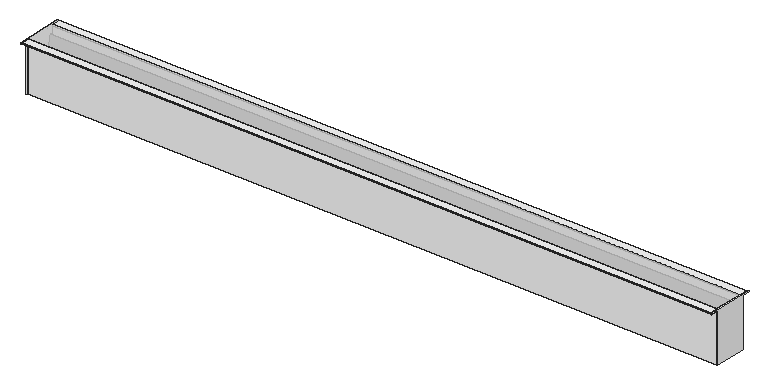
Revit family "2093127 Sylvania Lighting Fixture MC2 TRIM 1-2M 4K DALI WHT OPAL", category Lighting Fixtures, host Face, Revit 2016
Family settings
  Host = Face
  Part Type = Normal
  Round Connector Dimension = Use Diameter
  OmniClass Number = 23.80.70.11.17
  OmniClass Title = Specialized Lighting by Location or Use
  Cut with Voids When Loaded = No
  Light Source = Yes
  Shared = No
  Room Calculation Point = No
Parameters (values of type "2093127 MC2 TRIM 1.2M 4K DALI WHT OPAL")
  Width_SYL = 54.0 mm
  Weight = "2.8 kg"
  Wattage = 20.97 W
  WarrantyStartDate [instance] = "n/a"
  WarrantyGuarantorParts = "n/a"
  WarrantyDurationUnit = "n/a"
  WarrantyDurationParts = "n/a"
  WarrantyDescription = "n/a"
  built-in parameter 1150110 = 1 (stored number, unit not read)
  Voltage = 0 V
  URL = "http://www.sylvania-lighting.com"
  TypeName = "MC2 TRIM 1.2M 4K DALI WHT OPAL"
  built-in parameter 1114217 = 1 (stored number, unit not read)
  Tilt Angle = -90.00°
  built-in parameter 1150109 = 1 (stored number, unit not read)
  built-in parameter 1150134 = 12
  built-in parameter 1150113 = 1 (stored number, unit not read)
  SerialNumber [instance] = "n/a"
  PowerFactor = 0.98
  PowerConsumption = "20.97 W"
  NominalWidth = 0.0 mm
  NominalLength = 1200.0 mm
  NominalHeight = 86.0 mm
  Name = "MC2 TRIM 1.2M 4K DALI WHT OPAL"
  ModelReference = "MC2 TRIM 1.2M 4K DALI WHT OPAL"
  ModelNumber = "2093127"
  Material_3_SYL = Metal_Sylvania_Mini Contiuum II_Silver
  Photometric Web File = "2093127.ies"
  Material = "aluminium housing, polycarbonate diffuser"
  ManufacturerName = "Feilo Sylvania"
  LuminousEfficacy = "112 lm/W"
  LuminaireType = ""
  LightOutputRatio = "100"
  Length_SYL = 1200.0 mm
  LampsType = Lamp  # "LED"
  LampNominalLuminous = "2340 lm"
  LampMacAdamStep = "3"
  LampColourTemperature = "4000 K"
  LampColourRenderingIndex = "80"
  Keynote = "16500"
  InstallationDate [instance] = "n/a"
  InputVoltage = "n/a"
  InputNominalFrequency = "n/a"
  IngressProtection = "IP20"
  ImpactProtectionIndex = "n/a"
  IfcExportType = "IfcLightFixtureType"
  IfcExportAs = "IfcLightFixtureType"
  Height_SYL = 86.0 mm
  ExpectedLife = 50000
  EndCapRight_SYL [instance] = yes
  EndCapLeft_SYL [instance] = yes
  Emit from Rectangle Width = Width_SYL - 2.0 mm  # 52.0 mm
  Emit from Rectangle Length = Length_SYL  # 1200.0 mm
  Emit Shape Visible in Rendering = no
  ElectricShockClassification = "Class I"
  DurationUnit = "hours"
  DocumentationLiterature = "http://www.sylvania-lighting.com/product/en-int/products/2093127"
  DimmingControlOptions = "n/a"
  CreatedOn = "10/15/2018"
  CreatedBy = "@sylvania-lighting.com"
  built-in parameter 1114216 [instance] = 1 (stored number, unit not read)
  Model = "MC2 TRIM 1.2M 4K DALI WHT OPAL"
  Manufacturer = "Feilo Sylvania"  # constant formula
  built-in parameter 1150105 = 186.9 (stored number, unit not read)
  Lumens = 2348.64 lm
  built-in parameter 1150115 = 1 (stored number, unit not read)
  built-in parameter 1150137 = (empty or 0)
  built-in parameter 1150139 = (empty or 0)
  built-in parameter 1150112 = 1 (stored number, unit not read)
  built-in parameter 1150114 = 1 (stored number, unit not read)
  Lamp = "LED"
  built-in parameter 1150132 = 2
  built-in parameter 1150102 = (empty or 0)
  built-in parameter 1150107 = 4000 (stored number, unit not read)
  built-in parameter 1150138 = (empty or 0)
  built-in parameter 1150106 = 1.869 (stored number, unit not read)
  Material_1_SYL = Metal_Sylvania_Mini Continuum II_White
  built-in parameter 1150104 = 10.405 (stored number, unit not read)
  Dimming Lamp Color Temperature Shift = <None>
  Material_2_SYL = Polycarbonate_Sylvania_Mini Continuum II_Opal_4000K
  Description = "Mini Continuum II introduces a uniquely clean, simple LED lighting system offering continuous, highly uniform lines of light across walls and ceilings. This highly versatile lighting tool can be recessed, semi-recessed, surface-mounted or suspended, either vertically or horizontally. Available as direct/indirect or direct only distribution - both of which can be interconnected. Every batten has a plug and socket arrangement for easy and rapid electrical installation. Mini Continuum II Direct is available in two versions: one with an outside trim detail for plasterboard ceilings; and a trimless version for when a seamless effect is required. Dimmable DALI versions and 3hr non-maintained integral emergency options are available as standard options"  # constant formula
  Default Elevation = 0.0 mm
  Color Filter = 16777215
  built-in parameter 1140040 [instance] = 1
  BarCode [instance] = "n/a"
  built-in parameter 1114218 = 1 (stored number, unit not read)
  built-in parameter 1150133 = 10 (stored number, unit not read)
  AssetType = "Fixed"
  AssetIdentifier [instance] = "n/a"
  Assembly Code = "D5020200"
  Apparent Load = 20.97 VA
Reference planes
  plane 1 "Center (Front/Back)": y = 0
  plane 2 "Bottom Fixtures": z = 0
  plane 3 "Center (Left/Right)": x = 0
  plane 4 "Fixture Left": x = -600
  plane 5 "Fixture Right": x = 600
  plane 6 "Fixture Bottom": z = 2
  plane 7: z = 0
  plane 8: z = -2
  plane 9: z = -11.049
  plane 10: z = -41.049
  plane 11 "Fixture Top": z = -84
  plane 12: y = 27
  plane 13: y = -27
  plane 14: y = -26
  plane 15: y = -25
  plane 16: y = 26
  plane 17: y = 25
  plane 18: y = 11
  plane 19: y = -11
  plane 20: y = 24
  plane 21: y = 22
  plane 22: y = -22
  plane 23: y = 15
  plane 24: y = -15
  plane 25: y = 40
  plane 26: y = -40
  plane 27: x = -602
  plane 28: x = 602
Forms (mm)
  Extrusion 1, solid, material "Metal_Sylvania_Mini Continuum II_White" <- "Material_1_SYL", detail levels fine
    sketch origin (0, 0, -84) x (0, 1, 0) y (0, 0, 1)
      loop
        line (27, 84) -> (40, 84) -> (40, 86) -> (26, 86) -> (26, 84) -> (25, 84) -> (25, 2) -> (13, 2) -> (13, 4) -> (-13, 4) -> (-13, 2) -> (-25, 2) -> (-25, 84) -> (-26, 84) -> (-26, 86) -> (-40, 86) -> (-40, 84) -> (-27, 84) -> (-27, 0) -> (-11, 0) -> (-11, 2) -> (11, 2) -> (11, 0) -> (27, 0) -> (27, 84)
    from -600 to 600
  Extrusion 2, solid, material "Polycarbonate_Sylvania_Mini Continuum II_Opal_4000K" <- "Material_2_SYL", detail levels fine
    sketch origin (0, 0, -84) x (0, 1, 0) y (0, 0, 1)
      loop
        line (-26, 86) -> (-26, 84) -> (26, 84) -> (26, 86) -> (-26, 86)
    from -600 to 600
  Extrusion 3, solid, material "Metal_Sylvania_Mini Contiuum II_Silver" <- "Material_3_SYL", detail levels fine
    sketch origin (0, 0, -84) x (0, 1, 0) y (0, 0, 1)
      loop
        line (22, 72.951) -> (20.973, 72.951) -> (14.206, 43.951) -> (-14.206, 43.951) -> (-20.973, 72.951) -> (-22, 72.951) -> (-15, 42.951) -> (15, 42.951) -> (22, 72.951)
    from -600 to 600
  Extrusion 4, solid, material "Metal_Sylvania_Mini Continuum II_White" <- "Material_1_SYL", detail levels coarse+medium
    sketch origin (0, 0, -84) x (0, 1, 0) y (0, 0, 1)
      loop
        line (-27, 86) -> (-27, 0) -> (27, 0) -> (27, 86) -> (-27, 86)
    from -600 to 600
  Extrusion 5, solid, material "Metal_Sylvania_Mini Continuum II_White" <- "Material_1_SYL", detail levels coarse+medium
    sketch origin (0, 0, -84) x (0, 1, 0) y (0, 0, 1)
      loop
        line (40, 86) -> (27, 86) -> (27, 84) -> (40, 84) -> (40, 86)
      loop
        line (-27, 86) -> (-40, 86) -> (-40, 84) -> (-27, 84) -> (-27, 86)
    from -600 to 600
  Extrusion 6, void
    sketch origin (0, 0, 0) x (0, 1, 0) y (0, 0, 1)
      loop
        line (27, 0) -> (-27, 0) -> (-27, -84) -> (27, -84) -> (27, 0)
    from -600 to 600
  Extrusion 7, solid, material "Metal_Sylvania_Mini Continuum II_White" <- "Material_1_SYL", visible <- "EndCapLeft_SYL"
    sketch origin (-600, 171.684, 1219.2) x (0, 1, 0) y (0, 0, 1)
      loop
        line (-198.684, -1219.2) -> (-198.684, -1303.2) -> (-144.684, -1303.2) -> (-144.684, -1219.2) -> (-131.684, -1219.2) -> (-131.684, -1217.2) -> (-211.684, -1217.2) -> (-211.684, -1219.2) -> (-198.684, -1219.2)
    from 0 to -2
  Extrusion 8, solid, material "Metal_Sylvania_Mini Continuum II_White" <- "Material_1_SYL", visible <- "EndCapRight_SYL"
    sketch origin (600, 171.684, 1219.2) x (0, 1, 0) y (0, 0, -1)
      loop
        line (-131.684, 1217.2) -> (-131.684, 1219.2) -> (-144.684, 1219.2) -> (-144.684, 1303.2) -> (-198.684, 1303.2) -> (-198.684, 1219.2) -> (-211.684, 1219.2) -> (-211.684, 1217.2) -> (-131.684, 1217.2)
    from 0 to -2
Lines and regions (mm)
  Masking region 1
    outline origin (0, 0, -86) x (-1, 0, 0) y (0, -1, 0)
      loop
        line (600, -40) -> (600, 40) -> (-600, 40) -> (-600, -40) -> (600, -40)
  symbolic lines, detail levels fine
    curve 1: line (-600, 27, -86) -> (600, 27, -86)
    curve 2: line (-600, -27, -86) -> (600, -27, -86)
Dimensions and locks
  host sketch curve to plane 3 "Center (Left/Right)" to host sketch curve = 1260.0 mm, 1259.41 mm
  equal spacing: plane 4 "Fixture Left", plane 3 "Center (Left/Right)", plane 5 "Fixture Right"
  "Length_SYL": plane 4 "Fixture Left" to plane 5 "Fixture Right"
  plane 6 "Fixture Bottom" to plane 7 to plane 8 to plane 9 to plane 10 = 2.0 mm locked, 2.0 mm locked, 9.049 mm locked, 30.0 mm locked
  locked: Extrusion 1 sketch curve to Extrusion 1 sketch curve at 2
  "Height_SYL": plane 6 "Fixture Bottom" to plane 11 "Fixture Top"
  equal spacing: plane 12, plane 1 "Center (Front/Back)", plane 13
  plane 19 to plane 24 to plane 22 to plane 15 to plane 14 to plane 13 to plane 26 = 4.0 mm locked, 7.0 mm locked, 3.0 mm locked, 1.0 mm locked, 1.0 mm locked, 13.0 mm locked
  plane 25 to plane 12 to plane 16 to plane 17 to plane 20 to plane 21 to plane 23 to plane 18 = 13.0 mm locked, 1.0 mm locked, 1.0 mm locked, 1.0 mm locked, 2.0 mm locked, 7.0 mm locked, 4.0 mm locked
  "Width_SYL": plane 12 to plane 13
  equal spacing: plane 27, plane 3 "Center (Left/Right)", plane 28
  locked: plane 27 to plane 4 "Fixture Left" at 2
  aligned and locked: plane 2 "Bottom Fixtures" to host face
  aligned and locked: level to host face
  aligned and locked: Extrusion 1 sketch curve to plane 7  (x2)
  aligned and locked: plane 6 "Fixture Bottom" to Extrusion 1 sketch curve  (x2)
  aligned and locked: plane 7 to Extrusion 1 sketch curve
  aligned and locked: Extrusion 1 to Extrusion 2 sketch curve
  aligned and locked: Extrusion 2 sketch curve to Extrusion 1  (x3)
  aligned and locked: Extrusion 3 sketch curve to plane 10
  aligned and locked: plane 9 to Extrusion 3 sketch curve
  aligned and locked: Extrusion 3 sketch curve to plane 9
  aligned and locked: Extrusion 4 sketch curve to plane 6 "Fixture Bottom"
  aligned and locked: Extrusion 5 sketch curve to Extrusion 1  (x6)
  aligned and locked: Extrusion 4 to Extrusion 5 sketch curve
  aligned and locked: Extrusion 5 sketch curve to Extrusion 4
  aligned and locked: Extrusion 1 to Extrusion 6 sketch curve
  aligned and locked: Extrusion 6 sketch curve to Extrusion 1
  aligned and locked: Extrusion 6 sketch curve to plane 11 "Fixture Top"
  aligned and locked: Extrusion 6 sketch curve to plane 13
  aligned and locked: Extrusion 6 to plane 5 "Fixture Right"
  aligned and locked: plane 6 "Fixture Bottom" to imposter light
  aligned and locked: Masking region 1 sketch curve to Extrusion 1  (x4)
  aligned and locked: plane 5 "Fixture Right" to curve 1
  aligned and locked: plane 4 "Fixture Left" to curve 1
  aligned and locked: plane 12 to curve 1
  aligned and locked: plane 4 "Fixture Left" to curve 2
  aligned and locked: plane 5 "Fixture Right" to curve 2
  aligned and locked: curve 2 to plane 13
  aligned and locked: Extrusion 4 to plane 5 "Fixture Right"
  aligned and locked: Extrusion 1 to plane 5 "Fixture Right"
  aligned and locked: Extrusion 3 to plane 5 "Fixture Right"
  aligned and locked: Extrusion 4 to plane 4 "Fixture Left"
  aligned and locked: Extrusion 1 to plane 4 "Fixture Left"
  aligned and locked: Extrusion 3 to plane 4 "Fixture Left"
  aligned and locked: Extrusion 2 to plane 5 "Fixture Right"
  aligned and locked: Extrusion 5 to plane 5 "Fixture Right"
  aligned and locked: Extrusion 5 to plane 4 "Fixture Left"
  aligned and locked: Extrusion 2 to plane 4 "Fixture Left"
  aligned and locked: Extrusion 6 to plane 4 "Fixture Left"
  aligned and locked: Extrusion 4 to Extrusion 7 sketch curve
  aligned and locked: Extrusion 7 sketch curve to Extrusion 4  (x2)
  aligned and locked: Extrusion 7 sketch curve to Extrusion 5  (x4)
  aligned and locked: plane 6 "Fixture Bottom" to Extrusion 7 sketch curve
  aligned and locked: Extrusion 7 to plane 27
  aligned and locked: plane 4 "Fixture Left" to Extrusion 7
  aligned and locked: Extrusion 8 sketch curve to Extrusion 7  (x8)
  aligned and locked: plane 28 to Extrusion 8
  aligned and locked: plane 5 "Fixture Right" to Extrusion 8
Automatic sketch dimensions
  host sketch curve to host sketch curve = 1047.463 mm
  Extrusion 1 sketch curve to plane 26 = 0.0 mm
  Extrusion 1 sketch curve to plane 13 = 0.0 mm
  Extrusion 1 sketch curve to plane 14 = 0.0 mm
  Extrusion 1 sketch curve to plane 15 = 0.0 mm
  Extrusion 1 sketch curve to plane 19 = 0.0 mm
  Extrusion 1 sketch curve to plane 18 = 0.0 mm
  Extrusion 1 sketch curve to plane 17 = 0.0 mm
  Extrusion 1 sketch curve to plane 16 = 0.0 mm
  Extrusion 1 sketch curve to level = 0.0 mm
  Extrusion 1 sketch curve to plane 12 = 0.0 mm
  Extrusion 1 sketch curve to plane 25 = 0.0 mm
  Extrusion 1 sketch curve to plane 11 "Fixture Top" = 0.0 mm  (x2)
  Extrusion 1 sketch curve to plane 19 = 2.0 mm
  Extrusion 1 sketch curve to plane 18 = 2.0 mm
  plane 11 "Fixture Top" to Extrusion 1 sketch curve = 2.0 mm  (x3)
  Extrusion 3 sketch curve to plane 22 = 0.0 mm
  Extrusion 3 sketch curve to plane 24 = 0.0 mm
  Extrusion 3 sketch curve to plane 23 = 0.0 mm
  Extrusion 3 sketch curve to plane 21 = 0.0 mm
  plane 10 to Extrusion 3 sketch curve = 1.0 mm
  Extrusion 3 sketch curve to Extrusion 3 sketch curve = 1.027 mm  (x2)
  plane 24 to Extrusion 3 sketch curve = 0.794 mm
  plane 23 to Extrusion 3 sketch curve = 0.794 mm
  Extrusion 4 sketch curve to plane 11 "Fixture Top" = 0.0 mm
  Extrusion 4 sketch curve to plane 13 = 0.0 mm
  Extrusion 4 sketch curve to plane 12 = 0.0 mm
Connectors
  electrical at (-600, 0, 0), driven by "Apparent Load"
    settings: index 1, voltage 230 V, apparent load 0 VA, apparent load phase1 20.97 VA, apparent load phase2 0 VA, apparent load phase3 0 VA, power factor 1, load classification "Lighting", number of poles 1, system type 31, power factor state 1, is connector primary yes, connector utility no, sub classification motor no, connector description ""
